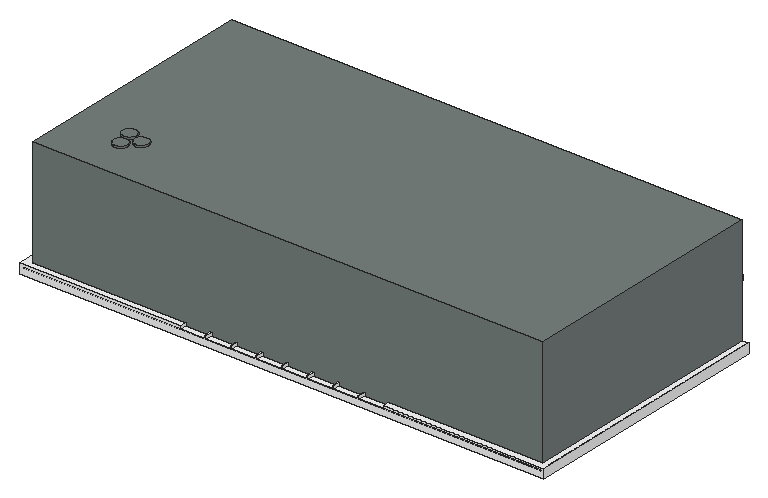
Revit family "AM 150 HHLBDE", category Mechanical Equipment, Revit 2019
Family settings
  Round Connector Dimension = Use Diameter
  Part Type = Normal
  OmniClass Number = 23.75.00.00
  OmniClass Title = Climate Control (HVAC)
  Work Plane-Based = No
  Always vertical = Yes
  Cut with Voids When Loaded = No
  Shared = No
  Room Calculation Point = No
Parameters
  publication date = "09.10.2024"
  Weight (Standard Unit) = 47  # constant formula
  Water Heater Surface Return = 15 mm  # constant formula
  Water Heater Surface IN = 15 mm  # constant formula
  Version number = "1.2"
  URL = "https://www.airmaster-as.com/products/ventilation-units-wall-mounted/am-150"
  Total Width = 1170 mm  # constant formula
  Total Hight = 262 mm  # constant formula
  T-C Duct Supply = 158 mm  # constant formula
  T-C Duct Exhaust = 158 mm  # constant formula
  Suply Air In = 160 mm  # constant formula
  Return Air = 125 mm  # constant formula
  R-C Duct Supply = 105 mm  # constant formula
  Phase 1 - Max Power Consumption = "1175 W"
  Phase 1 - Max Current = "7,97 A"
  Nominal current, electrical preheating surface = "4,35 A"
  Nominal current, electrical comfort heating surface = "2,17 A"
  Nominal current, air handling unit = "1,45 A"
  Network Conection = "AWG 24 CAT 5e STP"
  Model = "AM 150 HHLBDE"
  Max. flow rate 35 dB(A) with ePM10 80% filters = 120.00 m³  # constant formula
  Max. flow rate 35 dB(A) with ePM10 55% filters = 137.00 m³  # constant formula
  Max. flow rate 35 dB(A) with ePM10 50% filters = 156.00 m³  # constant formula
  Max. flow rate 30 dB(A) with ePM10 80% filters = 91.00 m³  # constant formula
  Max. flow rate 30 dB(A) with ePM10 55% filters = 98.00 m³  # constant formula
  Max. flow rate 30 dB(A) with ePM10 50% filters = 123.00 m³  # constant formula
  Manufacturer = "Airmaster A/S"
  Maintenance [instance] = no
  L-C Duct Exhaust = 105 mm  # constant formula
  Exhaust Air = 160 mm  # constant formula
  Total Depth = 571 mm  # constant formula
  Electrical connection = "1 ~ 230 V / N / PE / 50 Hz"
  Drawn By = "LSB"
  Condensate = 6 mm  # constant formula
  BMS Panel = "(PTS) 2x2x0,6"
  BMS Out = "(PTS) 2x2x0,6"
  BMS IN = "(PTS) 2x2x0,6"
  Airlow area [instance] = no
Reference planes
  plane 1 "Center (Front/Back)": y = 0
  plane 2: z = 0
  plane 3 "Center (Left/Right)": x = 0
  plane 4 "Center L/S": y = -571
  plane 5 "Center L/T": x = -585
  plane 6 "Center L/U": x = 585
  plane 7 "TOP": z = 262
  plane 8 "Center L/V": x = -570
  plane 9 "Center L/W": y = -556
  plane 10 "Center L/X": x = 570
  plane 11 "Panel Buttom": z = 20.747
  plane 12 "Panel Top": z = 0
  plane 13 "Hatch": z = 14.5
Forms (mm)
  Extrusion 1, solid, material "AM Grey"
    sketch origin (0, 0, 0) x (1, 0, 0) y (0, 1, 0)
      loop
        line (-570, 0) -> (-570, -556) -> (570, -556) -> (570, 0) -> (-570, 0)
    from 14.5 to 262
  Extrusion 2, solid, material "AM White"
    sketch origin (794.5, -1524, 20.747) x (0, -1, 0) y (-1, 0, 0)
      loop
        line (-953, 209.5) -> (-953, 1379.5) -> (-1524, 1379.5) -> (-1524, 1364.5) -> (-968, 1364.5) -> (-968, 224.5) -> (-1524, 224.5) -> (-1524, 209.5) -> (-953, 209.5)
    from 0 to 20.747
  Blend 3, solid, material "AM White"
    base sketch origin (-790.646, -1524, 14.5) x (0, -1, 0) y (1, 0, 0)
      loop
        line (-953, 212.613) -> (-953, 1368.657) -> (-1524, 1368.657) -> (-1524, 212.613) -> (-953, 212.613)
    top sketch origin (-790.646, -1524, 14.5) x (0, -1, 0) y (1, 0, 0)
      loop
        line (-968, 223.963) -> (-968, 1357.646) -> (-1509.161, 1357.646) -> (-1509.161, 223.963) -> (-968, 223.963)
    from 0 to -14.5
  Extrusion 4, solid, material "AM Grey"
    sketch origin (-570, 0, 15) x (1, 0, 0) y (0, 0, -1)
      loop
        circle (1050, -119.501) r 78
      loop
        circle (1050, -119.501) r 77.16
    from 0 to 18.45
  Extrusion 5, solid, material "AM Grey"
    sketch origin (-785, 0, 15.499) x (1, 0, 0) y (0, 0, -1)
      loop
        circle (305, -119.501) r 78
      loop
        circle (305, -119.501) r 77.16
    from 0 to 18.45
  Extrusion 6, solid, material "Maintenece", visible <- "Maintenance"
    sketch origin (-790.646, -1524, 0) x (1, 0, 0) y (0, -1, 0)
      loop
        line (205.646, -1524) -> (1375.646, -1524) -> (1375.646, -953) -> (205.646, -953) -> (205.646, -1524)
    from 0 to 1200
  Extrusion 7, solid, material "AM Grey"
    sketch origin (-876.982, -12.495, 262) x (1, 0, 0) y (0, 1, 0)
      loop
        circle (423.027, -417.273) r 15.55
    from 0 to 3
  Extrusion 8, solid, material "AM Grey"
    sketch origin (-866.134, 5.874, 262) x (1, 0, 0) y (0, 1, 0)
      loop
        circle (447.132, -446.023) r 15.55
    from 0 to 3
  Extrusion 9, solid, material "AM Grey"
    sketch origin (-855.713, -13.073, 262) x (1, 0, 0) y (0, 1, 0)
      loop
        circle (410.201, -452.535) r 15.55
    from 0 to 3
  Extrusion 10, void
    sketch origin (585, -571, 24.45) x (1, 0, 0) y (0, 0, -1)
      loop
        line (-811.5, -54.803) -> (-757.5, -54.803) -> (-757.5, -40.803) -> (-811.5, -40.803) -> (-811.5, -54.803)
      loop
        line (-811.5, -37.803) -> (-757.5, -37.803) -> (-757.5, -23.803) -> (-811.5, -23.803) -> (-811.5, -37.803)
      loop
        line (-811.5, -20.803) -> (-757.5, -20.803) -> (-757.5, -6.803) -> (-811.5, -6.803) -> (-811.5, -20.803)
      loop
        line (-811.5, -3.803) -> (-757.5, -3.803) -> (-757.5, 10.197) -> (-811.5, 10.197) -> (-811.5, -3.803)
      loop
        line (-754.5, -54.803) -> (-700.5, -54.803) -> (-700.5, -40.803) -> (-754.5, -40.803) -> (-754.5, -54.803)
      loop
        line (-754.5, -37.803) -> (-700.5, -37.803) -> (-700.5, -23.803) -> (-754.5, -23.803) -> (-754.5, -37.803)
      loop
        line (-754.5, -20.803) -> (-700.5, -20.803) -> (-700.5, -6.803) -> (-754.5, -6.803) -> (-754.5, -20.803)
      loop
        line (-754.5, -3.803) -> (-700.5, -3.803) -> (-700.5, 10.197) -> (-754.5, 10.197) -> (-754.5, -3.803)
      loop
        line (-697.5, -54.803) -> (-643.5, -54.803) -> (-643.5, -40.803) -> (-697.5, -40.803) -> (-697.5, -54.803)
      loop
        line (-697.5, -37.803) -> (-643.5, -37.803) -> (-643.5, -23.803) -> (-697.5, -23.803) -> (-697.5, -37.803)
      loop
        line (-697.5, -20.803) -> (-643.5, -20.803) -> (-643.5, -6.803) -> (-697.5, -6.803) -> (-697.5, -20.803)
      loop
        line (-697.5, -3.803) -> (-643.5, -3.803) -> (-643.5, 10.197) -> (-697.5, 10.197) -> (-697.5, -3.803)
      loop
        line (-640.5, -54.803) -> (-586.5, -54.803) -> (-586.5, -40.803) -> (-640.5, -40.803) -> (-640.5, -54.803)
      loop
        line (-640.5, -37.803) -> (-586.5, -37.803) -> (-586.5, -23.803) -> (-640.5, -23.803) -> (-640.5, -37.803)
      loop
        line (-640.5, -20.803) -> (-586.5, -20.803) -> (-586.5, -6.803) -> (-640.5, -6.803) -> (-640.5, -20.803)
      loop
        line (-640.5, -3.803) -> (-586.5, -3.803) -> (-586.5, 10.197) -> (-640.5, 10.197) -> (-640.5, -3.803)
      loop
        line (-583.5, -54.803) -> (-529.5, -54.803) -> (-529.5, -40.803) -> (-583.5, -40.803) -> (-583.5, -54.803)
      loop
        line (-583.5, -37.803) -> (-529.5, -37.803) -> (-529.5, -23.803) -> (-583.5, -23.803) -> (-583.5, -37.803)
      loop
        line (-583.5, -20.803) -> (-529.5, -20.803) -> (-529.5, -6.803) -> (-583.5, -6.803) -> (-583.5, -20.803)
      loop
        line (-583.5, -3.803) -> (-529.5, -3.803) -> (-529.5, 10.197) -> (-583.5, 10.197) -> (-583.5, -3.803)
      loop
        line (-526.5, -54.803) -> (-472.5, -54.803) -> (-472.5, -40.803) -> (-526.5, -40.803) -> (-526.5, -54.803)
      loop
        line (-526.5, -37.803) -> (-472.5, -37.803) -> (-472.5, -23.803) -> (-526.5, -23.803) -> (-526.5, -37.803)
      loop
        line (-526.5, -20.803) -> (-472.5, -20.803) -> (-472.5, -6.803) -> (-526.5, -6.803) -> (-526.5, -20.803)
      loop
        line (-526.5, -3.803) -> (-472.5, -3.803) -> (-472.5, 10.197) -> (-526.5, 10.197) -> (-526.5, -3.803)
      loop
        line (-469.5, -54.803) -> (-415.5, -54.803) -> (-415.5, -40.803) -> (-469.5, -40.803) -> (-469.5, -54.803)
      loop
        line (-469.5, -37.803) -> (-415.5, -37.803) -> (-415.5, -23.803) -> (-469.5, -23.803) -> (-469.5, -37.803)
      loop
        line (-469.5, -20.803) -> (-415.5, -20.803) -> (-415.5, -6.803) -> (-469.5, -6.803) -> (-469.5, -20.803)
      loop
        line (-469.5, -3.803) -> (-415.5, -3.803) -> (-415.5, 10.197) -> (-469.5, 10.197) -> (-469.5, -3.803)
      loop
        line (-412.5, -54.803) -> (-358.5, -54.803) -> (-358.5, -40.803) -> (-412.5, -40.803) -> (-412.5, -54.803)
      loop
        line (-412.5, -37.803) -> (-358.5, -37.803) -> (-358.5, -23.803) -> (-412.5, -23.803) -> (-412.5, -37.803)
      loop
        line (-412.5, -20.803) -> (-358.5, -20.803) -> (-358.5, -6.803) -> (-412.5, -6.803) -> (-412.5, -20.803)
      loop
        line (-412.5, -3.803) -> (-358.5, -3.803) -> (-358.5, 10.197) -> (-412.5, 10.197) -> (-412.5, -3.803)
    from 0 to 15
  Extrusion 11, solid, material "AM Grey"
    sketch origin (-585, 0, 20.747) x (0, -1, 0) y (0, 0, 1)
      loop
        circle (372, 125.253) r 62.5
    from 0 to 40
Cuts and joins
  Extrusion 10 cuts Extrusion 1
  Extrusion 10 cuts Extrusion 2
Dimensions and locks
  "Total Depth": plane 4 "Center L/S" to plane 1 "Center (Front/Back)"
  equal spacing: plane 5 "Center L/T", plane 3 "Center (Left/Right)", plane 6 "Center L/U"
  "Total Width": plane 5 "Center L/T" to plane 6 "Center L/U"
  "Total Hight": plane 7 "TOP" to level
  locked: plane 10 "Center L/X" to plane 6 "Center L/U" at 15
  locked: plane 4 "Center L/S" to plane 9 "Center L/W" at 15
  locked: plane 5 "Center L/T" to plane 8 "Center L/V" at 15
  Extrusion 1 to Blend 3 sketch curve = 14.839 mm
  plane 7 "TOP" to Extrusion 11 sketch curve = 116 mm
  plane 1 "Center (Front/Back)" to Extrusion 11 sketch curve = 372 mm
  "Return Air": diameter of Extrusion 11 sketch curve
  aligned and locked: level to plane 2
  aligned and locked: plane 1 "Center (Front/Back)" to Extrusion 1 sketch curve
  aligned and locked: plane 8 "Center L/V" to Extrusion 1 sketch curve
  aligned and locked: Extrusion 1 sketch curve to plane 9 "Center L/W"
  aligned and locked: Extrusion 1 sketch curve to plane 10 "Center L/X"
  aligned and locked: plane 7 "TOP" to Extrusion 1
  aligned and locked: plane 4 "Center L/S" to Extrusion 2 sketch curve
  aligned and locked: plane 6 "Center L/U" to Extrusion 2 sketch curve
  aligned and locked: Extrusion 2 sketch curve to Extrusion 1  (x2)
  aligned and locked: plane 1 "Center (Front/Back)" to Extrusion 2 sketch curve
  aligned and locked: Extrusion 2 to plane 12 "Panel Top"
  aligned and locked: Blend 3 to plane 2
  aligned and locked: plane 13 "Hatch" to Extrusion 1
Automatic sketch dimensions
  plane 1 "Center (Front/Back)" to Blend 3 sketch curve = 0 mm
  plane 4 "Center L/S" to Blend 3 sketch curve = 0 mm
  plane 5 "Center L/T" to Blend 3 sketch curve = 6.967 mm
  Blend 3 sketch curve to plane 6 "Center L/U" = 6.989 mm
  plane 9 "Center L/W" to Blend 3 sketch curve = 0 mm
  plane 8 "Center L/V" to Blend 3 sketch curve = 3.316 mm
  Blend 3 sketch curve to plane 10 "Center L/X" = 3 mm
  Extrusion 6 sketch curve to Blend 3 = 18.316 mm
  Extrusion 6 sketch curve to Blend 3 = 18 mm
  Extrusion 6 sketch curve to Blend 3 = 15 mm
  Extrusion 6 sketch curve to Blend 3 = 14.839 mm
  Extrusion 7 sketch curve to Extrusion 1 = 1023.955 mm
  Extrusion 7 sketch curve to Extrusion 1 = 126.232 mm
  Extrusion 8 sketch curve to Extrusion 1 = 989.002 mm
  Extrusion 8 sketch curve to Extrusion 1 = 115.851 mm
  Extrusion 9 sketch curve to Extrusion 1 = 1015.512 mm
  Extrusion 9 sketch curve to Extrusion 1 = 90.392 mm
  Extrusion 10 sketch curve to Extrusion 2 = 79.253 mm  (x2)
  Extrusion 10 sketch curve to Extrusion 2 = 14.253 mm
  Extrusion 10 sketch curve to Extrusion 10 sketch curve = 0 mm  (x60)
  Extrusion 10 sketch curve to Extrusion 10 sketch curve = 54 mm  (x8)
  Extrusion 10 sketch curve to Extrusion 10 sketch curve = 3 mm  (x38)
  Extrusion 10 sketch curve to Extrusion 10 sketch curve = 14 mm  (x18)
  plane 1 "Center (Front/Back)" to Extrusion 2 sketch curve = 0 mm
  Extrusion 2 sketch curve to plane 8 "Center L/V" = 0 mm
  Extrusion 2 sketch curve to plane 5 "Center L/T" = 0 mm
  Extrusion 2 to Extrusion 10 sketch curve = 358.5 mm
  radius of Extrusion 7 sketch curve = 15.55 mm
  radius of Extrusion 8 sketch curve = 15.55 mm
  radius of Extrusion 9 sketch curve = 15.55 mm
Nested families
  nested 1: "Model Label 2019" at (0, -361.924, 0), Label <- "Model", type "Model Label 2019"
    with Label "AM 150 HHLBDE"
  nested 2: "indblæssymbol" at (0, -621, 0) x (0, -1, 0) z (0, 0, 1), type "indblæssymbol"
    with dX_ 609 mm, dX 609 mm, ang2D 0.00°
Connectors
  electrical at (-453.955, -429.768, 262)
    settings: on Extrusion 7, index 13, voltage 230 V, apparent load 0 VA, apparent load phase1 0 VA, apparent load phase2 0 VA, apparent load phase3 0 VA, power factor 0.55, load classification "Other", number of poles 1, system type 30, power factor state 1, is connector primary yes, connector utility no, sub classification motor no, connector description ""
  electrical at (-419.002, -440.149, 262), driven by "BMS Out"
    settings: on Extrusion 8, index 14, voltage 0 V, apparent load 0 VA, apparent load phase1 0 VA, apparent load phase2 0 VA, apparent load phase3 0 VA, power factor 1, load classification "Other", number of poles 1, system type 5, power factor state 1, is connector primary no, connector utility no, sub classification motor no, connector description "(PTS) 2x2x0,6"
  electrical at (-445.512, -465.608, 262), driven by "BMS IN"
    settings: on Extrusion 9, index 15, voltage 0 V, apparent load 0 VA, apparent load phase1 0 VA, apparent load phase2 0 VA, apparent load phase3 0 VA, power factor 1, load classification "Other", number of poles 1, system type 5, power factor state 1, is connector primary no, connector utility no, sub classification motor no, connector description "(PTS) 2x2x0,6"
  hvac at (-585, -372, 146), driven by "Return Air"
    settings: on Extrusion 11, index 17, duct flow 0.0 L/s, flow factor 0, pres drop 0.0 Pa, loss coef 0, conn angle 0.00°, conn width 304.8 mm, conn height 304.8 mm, conn diameter 125 mm, duct sys type 2, conn prof type 0, flow config 0, flow direction 1, loss method 0, conn ref index -1, conn util no, is conn primary yes, conn desc ""
  hvac at (-480, 0, 135), driven by "Exhaust Air"
    settings: on Extrusion 5, index 18, duct flow 0.0 L/s, flow factor 0, pres drop 0.0 Pa, loss coef 0, conn angle 0.00°, conn width 304.8 mm, conn height 304.8 mm, conn diameter 160 mm, duct sys type 1, conn prof type 0, flow config 2, flow direction 2, loss method 0, conn ref index -1, conn util no, is conn primary no, conn desc ""
  hvac at (480, 0, 134.501), driven by "Suply Air In"
    settings: on Extrusion 4, index 19, duct flow 0.0 L/s, flow factor 0, pres drop 0.0 Pa, loss coef 0, conn angle 0.00°, conn width 304.8 mm, conn height 304.8 mm, conn diameter 160 mm, duct sys type 3, conn prof type 0, flow config 0, flow direction 1, loss method 0, conn ref index -1, conn util no, is conn primary no, conn desc ""
Definition of nested family "Model Label 2019"
  Parameters (values of type "Model Label 2019")
    Label [instance] = ""
  Reference planes
    plane 1: y = 0
    plane 2: x = 0
  Text (mm)
    label "Label" at (-0.131, 0.049, 0), shows "Label"
Definition of nested family "indblæssymbol"
  Parameters (values of type "indblæssymbol")
    dX_ [instance] = if(dX = 0 mm, 1 mm, dX)  # 609 mm
    dX [instance] = 609 mm
    ang2D [instance] = 0.00°
    Type Comments = "DO NOT CHANGE dX value from 608 mm ( 2 ft )"
    Afstand pil = 50 mm
  Reference planes
    plane 1 "Center (Front/Back)": y = 0
    plane 2: z = 0
    plane 3 "Center (Left/Right)": x = 0
  Lines and regions (mm)
    Filled region 1, type "Concrete", in view "Ref. Level"
      outline origin (50.005, 0, 0) x (1, 0, 0) y (0, 1, 0)
        loop
          line (399.995, 0.414) -> (301.442, 17.365) -> (301.588, -17.365) -> (399.995, 0.414)
    reference lines, in view "Ref. Level"
      curve 1: line (50, 134.129, 0) -> (50, -145.871, 0)
    detail lines, in view "Ref. Level"
      curve 2: line (351.52, 0, 0) -> (50, 0, 0)
  Dimensions and locks
    "Afstand pil": plane 3 "Center (Left/Right)" to curve 1
    curve 1 to Filled region 1 = 400 mm
  Automatic sketch dimensions
    Filled region 1 sketch curve to plane 1 "Center (Front/Back)" = 0.414 mm
    plane 3 "Center (Left/Right)" to Filled region 1 sketch curve = 450 mm
    plane 1 "Center (Front/Back)" to Filled region 1 sketch curve = 17.365 mm
    Filled region 1 sketch curve to Filled region 1 sketch curve = 98.407 mm
    Filled region 1 sketch curve to plane 1 "Center (Front/Back)" = 17.365 mm
    Filled region 1 sketch curve to Filled region 1 sketch curve = 0.146 mm
    plane 1 "Center (Front/Back)" to curve 2 = 0 mm
    plane 3 "Center (Left/Right)" to curve 2 = 50 mm
    curve 2 to curve 2 = 301.52 mm
    plane 1 "Center (Front/Back)" to curve 1 = 145.871 mm
    curve 1 to plane 1 "Center (Front/Back)" = 134.129 mm
